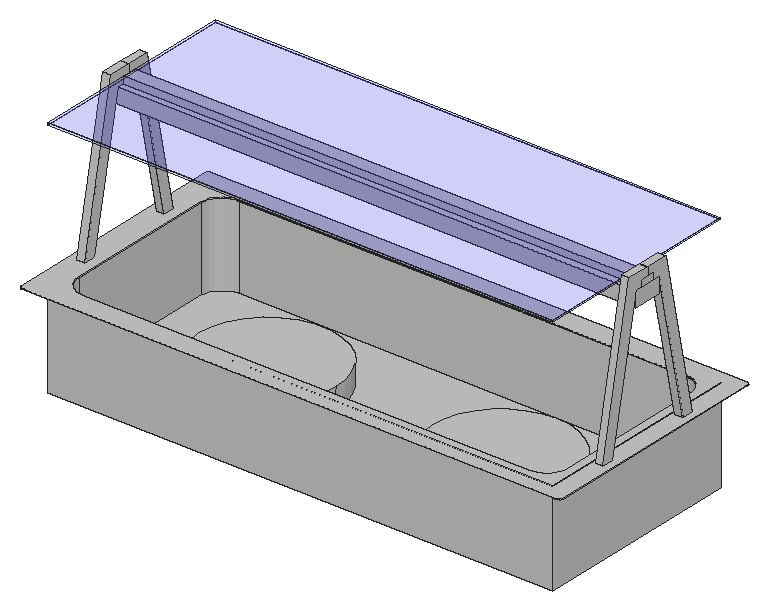
Revit family "QF_ELECTROLUXPROFESSIONAL_341161_D03C3", category Specialty Equipment, Revit 2023
Family settings
  Round Connector Dimension = Use Diameter
  Part Type = Normal
  Work Plane-Based = No
  Enable Cutting in Views = No
  Always vertical = Yes
  Cut with Voids When Loaded = No
  Maintain Annotation Orientation = No
  Shared = No
  Room Calculation Point = No
Parameters (values of type "Standard")
  Weight = 57.05 kg
  Watts = 0 W
  Volts = 220 V
  URL Manufacturer = "http://www.electroluxprofessional.com"
  URL = "http://www.electroluxprofessional.com"
  Steam Supply Size = 0 mm
  Steam Supply Minimum Pressure = 0.0 Pa
  Steam Supply Maximum Pressure = 0.0 Pa
  Steam Consumption per Hour = 0
  Refrigeration Suction Line Size = 0 mm
  Refrigeration Liquid Line Size = 0 mm
  Refrigerant Compressor Remote = yes
  Default Elevation = 0 mm
  Manufacturer = "Electrolux Professional"
  Phase = 1
  Model = "D03C3"
  Length Actual = 1420 mm
  Item Number = "341161"
  Hot Water Size = 0 mm
  Height Actual = 680 mm
  HP = "2.8 HP"
  Gas Size = 0 mm
  Gas KW = 0
  Gas Input Pressure = 0 W
  Direct Waste Size = 25.4 mm
  Description = "DROP-IN BAIN-MARIE, AIR VENTILATED, SINGLE WELL, 4GN WITH A TYPE OVERSHELF AND HALOGEN LAMP"
  Depth Actual = 620 mm
  Cycle = 50 Hz
  Condensate Return Size = 0 mm
  Compressed Air Volume = 0.0 L/s
  Compressed Air Size = 0 mm
  Compressed Air Pressure = 0.0 Pa
  Cold Water Size = 0 mm
  Accessory = no
Reference planes
  plane 1 "BACK": y = 0
  plane 2: z = 5.426
  plane 3 "LEFT": x = 0
  plane 4: y = -620
  plane 5: x = 1420
  plane 6: z = 409.426
  plane 7: y = -310
  plane 8: x = 710
Forms (mm)
  Extrusion 1, solid, material "QF_Finishes_Stainless Steel"
    sketch origin (0, 0, 5.426) x (1, 0, 0) y (0, 1, 0)
      loop
        arc (10, 0) -> (2.929, -2.929) -> (0, -10) r 10
        line (0, -10) -> (0, -610)
        arc (0, -610) -> (2.929, -617.071) -> (10, -620) r 10
        line (10, -620) -> (1410, -620)
        arc (1410, -620) -> (1417.071, -617.071) -> (1420, -610) r 10
        line (1420, -610) -> (1420, -10)
        arc (1420, -10) -> (1417.071, -2.929) -> (1410, 0) r 10
        line (1410, 0) -> (10, 0)
    from 0 to 1
  Extrusion 2, solid, material "QF_Finishes_Stainless Steel"
    sketch origin (0, 0, 12.548) x (1, 0, 0) y (0, 1, 0)
      loop
        line (50, -35) -> (50, -585) -> (1370, -585) -> (1370, -35) -> (50, -35)
    from -251.122 to -7.122
  Extrusion 3, void
    sketch origin (0, 0, -2.817) x (1, 0, 0) y (0, 1, 0)
      loop
        arc (125, -55) -> (86.109, -71.109) -> (70, -110) r 55
        line (70, -110) -> (70, -510)
        arc (70, -510) -> (86.109, -548.891) -> (125, -565) r 55
        line (125, -565) -> (1295, -565)
        arc (1295, -565) -> (1333.891, -548.891) -> (1350, -510) r 55
        line (1350, -510) -> (1350, -110)
        arc (1350, -110) -> (1333.891, -71.109) -> (1295, -55) r 55
        line (1295, -55) -> (125, -55)
    from -209.107 to 9.244
  Extrusion 4, solid, material "QF_Finishes_Stainless Steel"
    sketch origin (21.5, -620, 0) x (0, -1, 0) y (0, 0, -1)
      loop
        line (-310, -409.426) -> (-250.873, -409.426) -> (-165, -5.426) -> (-195, -5.426) -> (-272.583, -370.426) -> (-310, -370.426) -> (-310, -409.426)
    from 0 to 20
  Extrusion 5, solid, material "QF_Finishes_Stainless Steel"
    sketch origin (21.5, 0, 0) x (0, 1, 0) y (0, 0, 1)
      loop
        line (-310, 409.426) -> (-310, 370.426) -> (-272.583, 370.426) -> (-195, 5.426) -> (-165, 5.426) -> (-250.873, 409.426) -> (-310, 409.426)
    from 0 to 20
  Extrusion 6, solid, material "QF_Finishes_Stainless Steel"
    sketch origin (1398.5, -620, 0) x (0, -1, 0) y (0, 0, 1)
      loop
        line (-310, 409.426) -> (-310, 370.426) -> (-272.583, 370.426) -> (-195, 5.426) -> (-165, 5.426) -> (-250.873, 409.426) -> (-310, 409.426)
    from 0 to 20
  Extrusion 7, solid, material "QF_Finishes_Stainless Steel"
    sketch origin (1398.5, 0, 0) x (0, 1, 0) y (0, 0, -1)
      loop
        line (-310, -409.426) -> (-250.873, -409.426) -> (-165, -5.426) -> (-195, -5.426) -> (-272.583, -370.426) -> (-310, -370.426) -> (-310, -409.426)
    from 0 to 20
  Extrusion 8, solid, material "QF_Finishes_Stainless Steel"
    sketch origin (0, 0, 0) x (0, 1, 0) y (0, 0, 1)
      loop
        line (-291.292, 370.426) -> (-291.292, 387.956) -> (-328.917, 387.956) -> (-328.917, 370.426) -> (-291.292, 370.426)
    from 21.5 to 1398.5
  Extrusion 9, solid, material "Vetro"
    sketch origin (0, 0, 5.426) x (1, 0, 0) y (0, 1, 0)
      loop
        line (50, -35) -> (50, -585) -> (1370, -585) -> (1370, -35) -> (50, -35)
    from 382.529 to 387.529
  Extrusion 10, solid, material "QF_Finishes_Stainless Steel"
    sketch origin (329.693, -341.308, -643.387) x (0, 0, -1) y (0, 1, 0)
      loop
        circle (-372.814, -140.692) r 12.7
    from 5 to 70.307
  Extrusion 11, solid, material "QF_Finishes_Stainless Steel"
    sketch origin (0, 0, 0) x (0, 1, 0) y (0, 0, 1)
      loop
        line (-272.583, 370.426) -> (-347.583, 370.426) -> (-347.583, 330.426) -> (-272.583, 330.426) -> (-272.583, 370.426)
    from 21.5 to 1398.5
  Extrusion 12, solid, material "QF_Finishes_Stainless Steel"
    sketch origin (34.947, 0, 0) x (0, 1, 0) y (0, 0, 1)
      loop
        line (-280.414, 330.426) -> (-340.414, 330.426) -> (-340.414, 325.426) -> (-280.414, 325.426) -> (-280.414, 330.426)
    from 113.553 to 313.553
  Extrusion 13, solid, material "QF_Finishes_Stainless Steel"
    sketch origin (769.053, 0, 0) x (0, 1, 0) y (0, 0, -1)
      loop
        line (-280.414, -330.426) -> (-280.414, -325.426) -> (-340.414, -325.426) -> (-340.414, -330.426) -> (-280.414, -330.426)
    from 113.553 to 313.553
  Extrusion 14, solid, material "QF_Finishes_Stainless Steel"
    sketch origin (1385.053, 0, 0) x (0, 1, 0) y (0, 0, -1)
      loop
        line (-280.414, -330.426) -> (-280.414, -325.426) -> (-340.414, -325.426) -> (-340.414, -330.426) -> (-280.414, -330.426)
    from 113.553 to 313.553
  Extrusion 15, solid, material "QF_Finishes_Stainless Steel"
    sketch origin (650.947, 0, 0) x (0, 1, 0) y (0, 0, 1)
      loop
        line (-280.414, 330.426) -> (-340.414, 330.426) -> (-340.414, 325.426) -> (-280.414, 325.426) -> (-280.414, 330.426)
    from 113.553 to 313.553
  Extrusion 16, solid, material "QF_Finishes_Stainless Steel"
    sketch origin (0, 0, 5.426) x (1, 0, 0) y (0, 1, 0)
      loop
        circle (386.025, -481.971) r 12.675
    from -276 to -244
  Extrusion 17, solid, material "QF_Finishes_Stainless Steel"
    sketch origin (0, 0, 22.375) x (1, 0, 0) y (0, 1, 0)
      loop
        circle (1015.693, -310) r 180
    from -234.299 to -181.299
  Extrusion 18, solid, material "QF_Finishes_Stainless Steel"
    sketch origin (1420, 0, 22.375) x (-1, 0, 0) y (0, -1, 0)
      loop
        circle (1015.693, 310) r 180
    from -234.299 to -181.299
  Extrusion 19, solid, material "QF_Finishes_Stainless Steel"
    sketch origin (0, 0, 0.351) x (0, 1, 0) y (0, 0, 1)
      loop
        line (-161.185, -238.924) -> (-461.185, -238.924) -> (-461.185, -268.924) -> (-161.185, -268.924) -> (-161.185, -238.924)
    from 247.74 to 572.66
  Extrusion 20, solid, material "QF_Finishes_Stainless Steel"
    sketch origin (1420, 0, 0.351) x (0, 1, 0) y (0, 0, -1)
      loop
        line (-161.185, 238.924) -> (-161.185, 268.924) -> (-461.185, 268.924) -> (-461.185, 238.924) -> (-161.185, 238.924)
    from 247.74 to 572.66
Cuts and joins
  Extrusion 3 cuts Extrusion 1
  Extrusion 3 cuts Extrusion 2
Dimensions and locks
  equal spacing: Extrusion 1, Extrusion 2 sketch curve, Extrusion 2 sketch curve, Extrusion 1  (x2)
  Extrusion 1 to Extrusion 1 = 1420 mm
  Extrusion 1 to plane 1 "BACK" = 620 mm
  equal spacing: Extrusion 2, Extrusion 3 sketch curve, Extrusion 3 sketch curve, Extrusion 2  (x2)
  plane 6 to plane 2 = 404 mm
  equal spacing: plane 3 "LEFT", plane 8, plane 5
  Extrusion 11 sketch curve to cut or joined group of Extrusion 1, Extrusion 3 = 324 mm
  Extrusion 5 to plane 8 to Extrusion 7 = 668.5 mm, 668.5 mm
  aligned and locked: level to plane 2
Automatic sketch dimensions
  Extrusion 1 sketch curve to plane 3 "LEFT" = 0 mm
  plane 4 to Extrusion 1 sketch curve = 0 mm
  plane 1 "BACK" to Extrusion 1 sketch curve = 0 mm
  Extrusion 1 sketch curve to plane 5 = 0 mm
  plane 3 "LEFT" to Extrusion 1 sketch curve = 10 mm  (x2)
  plane 5 to Extrusion 1 sketch curve = 10 mm  (x2)
  plane 3 "LEFT" to Extrusion 2 sketch curve = 50 mm
  plane 5 to Extrusion 2 sketch curve = 50 mm
  Extrusion 2 sketch curve to plane 4 = 35 mm
  plane 1 "BACK" to Extrusion 2 sketch curve = 35 mm
  plane 3 "LEFT" to Extrusion 3 sketch curve = 70 mm
  Extrusion 3 sketch curve to Extrusion 3 sketch curve = 55 mm  (x3)
  Extrusion 3 sketch curve to plane 4 = 55 mm
  plane 5 to Extrusion 3 sketch curve = 125 mm  (x2)
  plane 1 "BACK" to Extrusion 3 sketch curve = 110 mm
  Extrusion 4 sketch curve to plane 7 = 0 mm
  plane 6 to Extrusion 4 sketch curve = 0 mm
  Extrusion 4 sketch curve to level = 0 mm
  Extrusion 4 sketch curve to Extrusion 4 sketch curve = 37.417 mm
  Extrusion 4 sketch curve to Extrusion 4 sketch curve = 21.71 mm
  plane 7 to Extrusion 4 sketch curve = 115 mm
  Extrusion 4 sketch curve to Extrusion 4 sketch curve = 30 mm
  Extrusion 4 sketch curve to Extrusion 4 sketch curve = 39 mm
  Extrusion 5 sketch curve to plane 7 = 0 mm
  plane 6 to Extrusion 5 sketch curve = 0 mm
  Extrusion 5 sketch curve to level = 0 mm
  Extrusion 5 sketch curve to Extrusion 5 sketch curve = 37.417 mm
  Extrusion 5 sketch curve to Extrusion 5 sketch curve = 21.71 mm
  plane 7 to Extrusion 5 sketch curve = 115 mm
  Extrusion 5 sketch curve to Extrusion 5 sketch curve = 30 mm
  Extrusion 5 sketch curve to Extrusion 5 sketch curve = 39 mm
  Extrusion 6 sketch curve to plane 7 = 0 mm
  plane 6 to Extrusion 6 sketch curve = 0 mm
  Extrusion 6 sketch curve to level = 0 mm
  Extrusion 6 sketch curve to Extrusion 6 sketch curve = 37.417 mm
  Extrusion 6 sketch curve to Extrusion 6 sketch curve = 21.71 mm
  Extrusion 6 sketch curve to plane 7 = 115 mm
  Extrusion 6 sketch curve to Extrusion 6 sketch curve = 30 mm
  Extrusion 6 sketch curve to Extrusion 6 sketch curve = 39 mm
  Extrusion 7 sketch curve to plane 7 = 0 mm
  plane 6 to Extrusion 7 sketch curve = 0 mm
  Extrusion 7 sketch curve to level = 0 mm
  Extrusion 7 sketch curve to Extrusion 7 sketch curve = 37.417 mm
  Extrusion 7 sketch curve to Extrusion 7 sketch curve = 21.71 mm
  plane 7 to Extrusion 7 sketch curve = 115 mm
  Extrusion 7 sketch curve to Extrusion 7 sketch curve = 30 mm
  Extrusion 7 sketch curve to Extrusion 7 sketch curve = 39 mm
  Extrusion 8 sketch curve to plane 7 = 18.917 mm
  plane 7 to Extrusion 8 sketch curve = 18.708 mm
  plane 6 to Extrusion 8 sketch curve = 39 mm
  Extrusion 8 sketch curve to Extrusion 8 sketch curve = 17.529 mm
  plane 3 "LEFT" to Extrusion 9 sketch curve = 50 mm
  plane 5 to Extrusion 9 sketch curve = 50 mm
  Extrusion 9 sketch curve to plane 4 = 35 mm
  plane 1 "BACK" to Extrusion 9 sketch curve = 35 mm
  Extrusion 10 sketch curve to level = 276 mm
  Extrusion 10 sketch curve to plane 4 = 138 mm
  Extrusion 11 sketch curve to plane 7 = 37.583 mm
  plane 7 to Extrusion 11 sketch curve = 37.417 mm
  plane 6 to Extrusion 11 sketch curve = 39 mm
  Extrusion 12 sketch curve to plane 7 = 30.414 mm
  plane 7 to Extrusion 12 sketch curve = 29.586 mm
  plane 6 to Extrusion 12 sketch curve = 84 mm
  Extrusion 12 sketch curve to Extrusion 12 sketch curve = 5 mm
  Extrusion 13 sketch curve to plane 7 = 30.414 mm
  plane 7 to Extrusion 13 sketch curve = 29.586 mm
  plane 6 to Extrusion 13 sketch curve = 79 mm
  Extrusion 13 sketch curve to Extrusion 13 sketch curve = 5 mm
  Extrusion 14 sketch curve to plane 7 = 30.414 mm
  plane 7 to Extrusion 14 sketch curve = 29.586 mm
  plane 6 to Extrusion 14 sketch curve = 79 mm
  Extrusion 14 sketch curve to Extrusion 14 sketch curve = 5 mm
  Extrusion 15 sketch curve to plane 7 = 30.414 mm
  plane 7 to Extrusion 15 sketch curve = 29.586 mm
  plane 6 to Extrusion 15 sketch curve = 84 mm
  Extrusion 15 sketch curve to Extrusion 15 sketch curve = 5 mm
  Extrusion 16 sketch curve to plane 4 = 138.029 mm
  Extrusion 16 sketch curve to plane 8 = 323.975 mm
  Extrusion 17 sketch curve to plane 7 = 0 mm
  plane 8 to Extrusion 17 sketch curve = 305.693 mm
  Extrusion 18 sketch curve to plane 7 = 0 mm
  Extrusion 18 sketch curve to plane 8 = 305.693 mm
  Extrusion 19 sketch curve to plane 7 = 151.185 mm
  plane 7 to Extrusion 19 sketch curve = 148.815 mm
  Extrusion 19 sketch curve to level = 274 mm
  Extrusion 19 sketch curve to Extrusion 19 sketch curve = 30 mm
  Extrusion 20 sketch curve to plane 7 = 151.185 mm
  plane 7 to Extrusion 20 sketch curve = 148.815 mm
  Extrusion 20 sketch curve to level = 244 mm
  Extrusion 20 sketch curve to Extrusion 20 sketch curve = 30 mm
  radius of Extrusion 10 sketch curve = 12.7 mm
  radius of Extrusion 16 sketch curve = 12.675 mm
  radius of Extrusion 17 sketch curve = 180 mm
  radius of Extrusion 18 sketch curve = 180 mm
Connectors
  piping at (334.693, -482, -270.574), diameter 25.4
    settings: on Extrusion 10, index 5, connector inside diameter 609.6 mm, connector length 0 mm, flow factor 0, pipe flow 0.0 L/s, pressure drop 0.0 Pa, fitting loss kfactor 0, connector angle 0.00°, fixture units 0, engagement length 0 mm, angle of deflection 0.00°, flow configuration 0, flow direction 0, fitting loss method 0, system type 29, joint type 0, gender type 0, connector reference index -1, connector utility 0, adjustable connector no, is connector primary yes, connector description "D"
